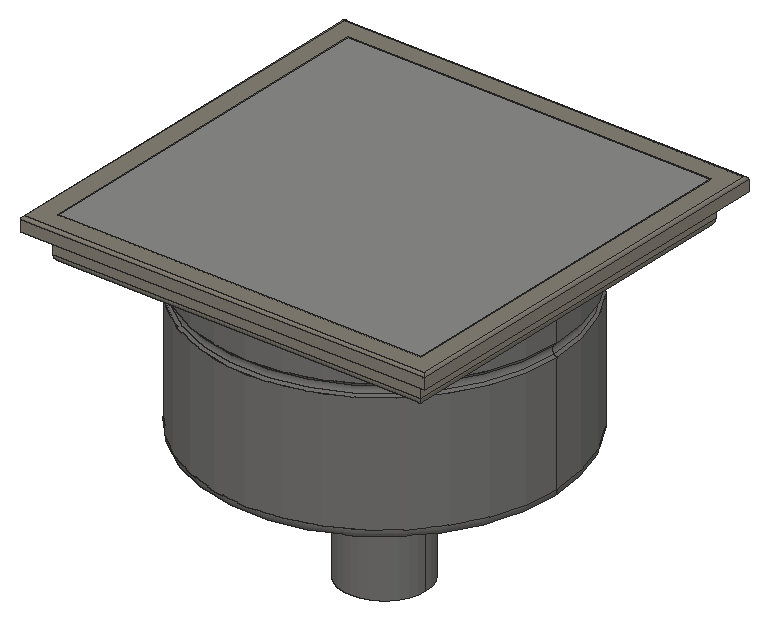
Revit family "Floor-Drain-Josam-12Inx12In-Square-Top", category Plumbing Fixtures, Revit 2012
Parameters (values of type "2In Diameter")
  Width = 11 45/64"  # constant formula
  URL = "http://www.josam.com/catalog/JOS/pl=F4/41630"
  Top Cleanout = Metal - Josam - Plate - Mesh
  Product Type = "12'' x 12''"  # constant formula
  Product Page URL = "http://www.josam.com/catalog/line/F4"
  Product Line = "Josam"  # constant formula
  Pipe Size Radius = Pipe Size Diameter / 2  # 1"
  Pipe Size Diameter = 2"
  Outer Cleanout Body = Metal - Josam - Anodized- Dark Bronze Satin
  Model = "41630"  # constant formula
  Manufacturer Toll Free Phone = "800-365-6726"  # constant formula
  Manufacturer Phone = "800-365-6726"  # constant formula
  Manufacturer Fax = "800-627-0008"  # constant formula
  Manufacturer Email = "custserv@josam.com"
  Manufacturer Address = "525 W. US Hwy 20, Michigan City, IN 46360"  # constant formula
  Manufacturer = "Josam Company"  # constant formula
  Inner Cleanout body = Metal - Josam - Brass - Satin
  Description = "Floor Drain - Stainless Steel"  # constant formula
  Depth = 11 179/256"  # constant formula
  Default Elevation = 48"
  Subcategory = "Floor Drain"  # constant formula
  Assembly Code = ""
  95 CSI = ""
  04 CSI = "22 40 00"  # constant formula
Types (4): name | Pipe Size Radius | Pipe Size Diameter
  (no name) | 1" | 2"
  2In Diameter | 1" | 2"
  3In Diameter | 1 1/2" | 3"
  4In Diameter | 2" | 4"
Reference planes
  plane 1 "Center (Front/Back)": y = 0
  plane 2: z = 0
  plane 3 "Center (Left/Right)": x = 7.144
  plane 4: z = -154.94
  plane 5: z = -248.92
  plane 6: x = 155.773
  plane 7: x = -141.486
  plane 8: y = 148.58
  plane 9: y = -148.58
Dimensions and locks
  plane 4 to plane 5 = 3.7"
  level to plane 5 = 9.8"
  "Width": plane 7 to plane 6
  equal spacing: plane 9, plane 1 "Center (Front/Back)", plane 8
  equal spacing: plane 7, plane 3 "Center (Left/Right)", plane 6
  "Depth": plane 9 to plane 8
  aligned and locked: level to plane 2
  aligned and locked: plane 3 "Center (Left/Right)" to nested 1
  aligned and locked: plane 1 "Center (Front/Back)" to nested 1
  aligned and locked: level to nested 1
Nested families
  nested 1: "41630" at (0, 0, 0), type "Parametric"
Connectors
  piping at (7.144, 0, -248.92), driven by "Pipe Size Radius"
    settings: on nested 1, index 1, connector radius 1", flow factor 0, pipe flow 0 GPM, pressure drop 0.00 psi, fitting loss kfactor 0, connector angle 0.00°, fixture units 0, engagement length 0", flow configuration 0, flow direction 0, fitting loss method 0, system type 16, joint type 0, gender type 0, connector reference index -1, connector utility 0, adjustable connector no, is connector primary yes, fitting loss table "", connector description ""
Definition of nested family "41630"
  Parameters (values of type "Parametric")
    URL = "http://www.josam.com/"
    Top Cleanout = Metal - Josam - Plate - Mesh
    Pipe Size Radius = 1"
    Outer Cleanout Body = Metal - Josam - Anodized- Dark Bronze Satin
    Model = "55000"  # constant formula
    Manufacturer = "Josam, LLC"  # constant formula
    Inner Cleanout body = Metal - Josam - Brass - Satin
    Description = "55000 Kleenatron II Cleanout"  # constant formula
    Assembly Code = "D2030300"
  Reference planes
    plane 1 "Center (Front/Back)": y = 0
    plane 2: z = 0
    plane 3 "Center (Left/Right)": x = 7.144
    plane 4: x = 134.144
    plane 5: x = -119.856
    plane 6: y = 148.59
    plane 7: x = 155.734
    plane 8: x = -141.446
    plane 9: y = -148.59
    plane 10: z = -154.94
    plane 11: z = -248.92
  Forms (mm)
    Revolve 1, solid, material "Metal - Josam - Anodized- Dark Bronze Satin" <- "Outer Cleanout Body", detail levels fine
      sketch origin (0, 0, 0) x (1, 0, 0) y (0, 0, 1)
        loop
          line (-119.856, -29.62) -> (-119.856, -51.702) -> (-116.914, -54.644)
          arc (-116.914, -54.644) -> (-116.193, -57.209) -> (-117.497, -59.532) r 3.481
          line (-117.497, -59.532) -> (-119.856, -61.184) -> (-119.856, -148.035)
          arc (-119.856, -148.035) -> (-117.834, -152.917) -> (-112.951, -154.94) r 6.905
          line (-112.951, -154.94) -> (-23.217, -154.94) -> (-23.217, -248.92) -> (-18.256, -248.92) -> (-18.256, -149.979) -> (-114.895, -149.979) -> (-114.895, -29.62) -> (-119.856, -29.62)
        axis (7.144, -248.92) -> (7.144, -29.62)
      angle from 0 to 360
    Sweep 2, solid, material "Metal - Josam - Brass - Satin" <- "Inner Cleanout body", detail levels fine
      path origin (0, 0, 0) x (1, 0, 0) y (0, 1, 0)
        loop
          line (155.734, -148.59) -> (155.734, 148.59) -> (-141.446, 148.59) -> (-141.446, -148.59) -> (155.734, -148.59)
      profile origin (155.734, 0, 0) x (-1, 0, 0) y (0, 0, 1)
        loop
          line (21.59, -29.62) -> (18.695, -29.62)
          arc (18.695, -29.62) -> (16.397, -28.668) -> (15.445, -26.37) r 3.25
          line (15.445, -26.37) -> (15.445, 0) -> (1.942, 0)
          arc (1.942, 0) -> (0.569, -0.569) -> (0, -1.942) r 1.942
          line (0, -1.942) -> (0, -9.796) -> (2.032, -9.796) -> (2.032, -2.032) -> (13.413, -2.032) -> (13.413, -26.37)
          arc (13.413, -26.37) -> (14.961, -30.104) -> (18.695, -31.652) r 5.282
          line (18.695, -31.652) -> (21.59, -31.652) -> (21.59, -29.62)
    Extrusion 3, solid, material "Metal - Josam - Brass - Satin" <- "Inner Cleanout body", detail levels fine
      sketch origin (14.287, 0, 0) x (-1, 0, 0) y (0, -1, 0)
        loop
          line (-119.856, 0) -> (-119.856, -127) -> (7.144, -127)
          arc (7.144, -127) -> (-82.659, -89.803) -> (-119.856, 0) r 127
      from -31.652 to -29.62
    Extrusion 4, solid, material "Metal - Josam - Brass - Satin" <- "Inner Cleanout body", detail levels fine
      sketch origin (0, 0, 0) x (1, 0, 0) y (0, 1, 0)
        loop
          line (-119.856, 0) -> (-119.856, -127) -> (7.144, -127)
          arc (7.144, -127) -> (-82.659, -89.803) -> (-119.856, 0) r 127
      from -31.652 to -29.62
    Extrusion 5, solid, material "Metal - Josam - Brass - Satin" <- "Inner Cleanout body", detail levels fine
      sketch origin (14.287, 0, 0) x (-1, 0, 0) y (0, -1, 0)
        loop
          arc (-119.856, 0) -> (-82.659, 89.803) -> (7.144, 127) r 127
          line (7.144, 127) -> (-119.856, 127) -> (-119.856, 0)
      from -31.652 to -29.62
    Extrusion 6, solid, material "Metal - Josam - Brass - Satin" <- "Inner Cleanout body", detail levels fine
      sketch origin (0, 0, 0) x (1, 0, 0) y (0, 1, 0)
        loop
          arc (-119.856, 0) -> (-82.659, 89.803) -> (7.144, 127) r 127
          line (7.144, 127) -> (-119.856, 127) -> (-119.856, 0)
      from -31.652 to -29.62
    Extrusion 7, solid, material "Metal - Josam - Plate - Mesh" <- "Top Cleanout", detail levels fine
      sketch origin (0, 0, 0) x (1, 0, 0) y (0, 1, 0)
        loop
          line (-126.001, 133.145) -> (-126.001, -133.189) -> (140.332, -133.189) -> (140.332, 133.145) -> (-126.001, 133.145)
      from -9.796 to 0
  Cuts and joins
    joined: Sweep 2, Extrusion 3, Extrusion 4, Extrusion 5
  Lines and regions (mm)
    Masking region 1, detail levels fine
      outline origin (-192.404, -4572, 3.175) x (-1, 0, 0) y (0, -1, 0)
        loop
          line (-50.958, -4720.59) -> (-50.958, -4423.41) -> (-348.138, -4423.41) -> (-348.138, -4720.59) -> (-50.958, -4720.59)
    model lines, detail levels coarse+medium
      curve 1: line (7.144, 0, -248.92) -> (7.144, 0, 0)
      curve 2: line (-18.256, 0, -248.92) -> (32.544, 0, -248.92)
      curve 3: line (-141.446, 0, 0) -> (155.734, 0, 0)
    symbolic lines, detail levels fine
      curve 4: line (-128.033, 135.177, 0) -> (142.393, 135.177, 0)
      curve 5: line (-128.033, -135.247, 0) -> (-128.033, 135.177, 0)
      curve 6: line (142.393, -135.247, 0) -> (-128.033, -135.247, 0)
      curve 7: line (142.393, 135.177, 0) -> (142.393, -135.247, 0)
  Dimensions and locks
    equal spacing: plane 5, plane 3 "Center (Left/Right)", plane 4
    plane 4 to plane 5 = 10"
    level to Revolve 1 sketch curve = 6.1"
    Revolve 1 sketch curve to Revolve 1 sketch curve = 3.7"
    locked: Revolve 1 sketch curve to Revolve 1 sketch curve at 4.961
    "Pipe Size Radius": plane 3 "Center (Left/Right)" to Revolve 1 sketch curve
    plane 6 to plane 9 = 11.7"
    plane 8 to plane 7 = 11.7"  (x2)
    level to plane 10 = 6.1"
    plane 10 to plane 11 = 3.7"
    equal spacing: curve 2, plane 3 "Center (Left/Right)", curve 2
    "Pipe Size Radius": curve 2 to plane 3 "Center (Left/Right)"
    aligned and locked: level to plane 2
    aligned and locked: plane 3 "Center (Left/Right)" to Revolve 1 sketch curve
    aligned and locked: Sweep 2 sketch curve to plane 7
    aligned and locked: Sweep 2 sketch curve to plane 6
    aligned and locked: plane 8 to Sweep 2 sketch curve
    aligned and locked: plane 9 to Sweep 2 sketch curve
    aligned and locked: Revolve 1 sketch curve to Sweep 2
    aligned and locked: Extrusion 7 sketch curve to Sweep 2  (x4)
    aligned and locked: Sweep 2 to Extrusion 7
    aligned and locked: level to Extrusion 7
    aligned and locked: plane 11 to curve 1
    aligned and locked: plane 3 "Center (Left/Right)" to curve 1
    aligned and locked: curve 2 to plane 11
    aligned and locked: plane 7 to curve 3
    aligned and locked: plane 8 to curve 3
    aligned and locked: curve 3 to level
    aligned and locked: level to curve 1
  Automatic sketch dimensions
    plane 5 to Revolve 1 sketch curve = 0"  (x2)
    Revolve 1 sketch curve to plane 5 = 0.00812"
    Revolve 1 sketch curve to plane 5 = 0.09287"
    Revolve 1 sketch curve to plane 5 = 0.11583"
    Revolve 1 sketch curve to plane 5 = 25/128"
    Revolve 1 sketch curve to Revolve 1 sketch curve = 0.07655"  (x2)
    Revolve 1 sketch curve to Revolve 1 sketch curve = 1.7"
    Revolve 1 sketch curve to Revolve 1 sketch curve = 0.7645"
    Revolve 1 sketch curve to Revolve 1 sketch curve = 1.24271"
    Revolve 1 sketch curve to Revolve 1 sketch curve = 0.06503"
    Revolve 1 sketch curve to Revolve 1 sketch curve = 0.10771"
    Revolve 1 sketch curve to Revolve 1 sketch curve = 0.11583"
    Sweep 2 sketch curve to Sweep 2 sketch curve = 0"  (x2)
    Sweep 2 sketch curve to profile plane = 0"
    Sweep 2 sketch curve to level = 0"
    Sweep 2 sketch curve to profile plane = 0.07645"
    Sweep 2 sketch curve to profile plane = 0.08"
    Sweep 2 sketch curve to level = 0.08"
    Sweep 2 sketch curve to Sweep 2 sketch curve = 0.44809"
    Sweep 2 sketch curve to Sweep 2 sketch curve = 0.08"
    Sweep 2 sketch curve to Sweep 2 sketch curve = 0.12795"
    Sweep 2 sketch curve to Sweep 2 sketch curve = 0.11396"
    Sweep 2 sketch curve to Sweep 2 sketch curve = 0.30567"
    Sweep 2 sketch curve to Sweep 2 sketch curve = 0.6525"
    plane 1 "Center (Front/Back)" to Extrusion 3 sketch curve = 0"  (x2)
    Extrusion 3 sketch curve to plane 4 = 0"  (x2)
    Extrusion 3 sketch curve to plane 3 "Center (Left/Right)" = 0"  (x2)
    Extrusion 3 sketch curve to Extrusion 3 sketch curve = 0"
    plane 1 "Center (Front/Back)" to Extrusion 4 sketch curve = 0"  (x2)
    Extrusion 4 sketch curve to plane 5 = 0"  (x2)
    Extrusion 4 sketch curve to plane 3 "Center (Left/Right)" = 0"  (x2)
    Extrusion 4 sketch curve to Extrusion 4 sketch curve = 0"
    plane 1 "Center (Front/Back)" to Extrusion 5 sketch curve = 0"  (x2)
    Extrusion 5 sketch curve to plane 4 = 0"  (x2)
    Extrusion 5 sketch curve to plane 3 "Center (Left/Right)" = 0"  (x2)
    Extrusion 5 sketch curve to Extrusion 5 sketch curve = 0"
    plane 1 "Center (Front/Back)" to Extrusion 6 sketch curve = 0"  (x2)
    Extrusion 6 sketch curve to plane 5 = 0"  (x2)
    Extrusion 6 sketch curve to plane 3 "Center (Left/Right)" = 0"  (x2)
    Extrusion 6 sketch curve to Extrusion 6 sketch curve = 0"
    plane 5 to curve 6 = 0.32191"
    plane 4 to curve 6 = 0.32476"
    curve 6 to plane 9 = 0.52532"
    curve 5 to plane 6 = 0.52809"
    Masking region 1 sketch curve to plane 6 = 0"
    Masking region 1 sketch curve to plane 7 = 0"
    Masking region 1 sketch curve to plane 8 = 0"
    plane 9 to Masking region 1 sketch curve = 0"
